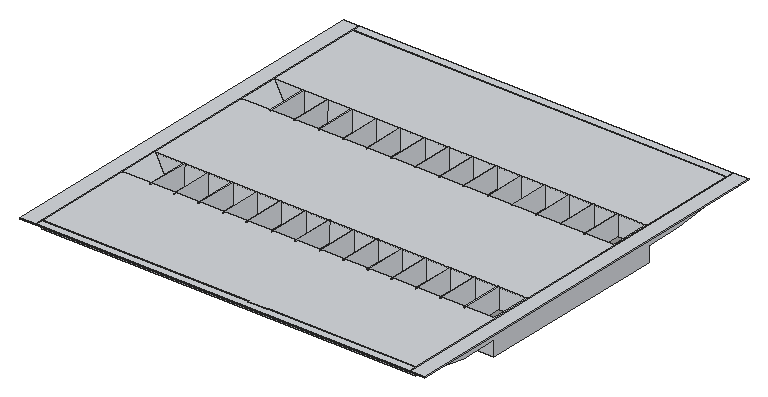
Revit family "0052604 Sylvania Lighting Fixture RANA NEO 3500LM REC 625x625 840 DALI EM 2L WHITE", category Lighting Fixtures, host Face, Revit 2016
Family settings
  Host = Face
  Part Type = Normal
  Round Connector Dimension = Use Diameter
  OmniClass Number = 23.80.70.00
  OmniClass Title = Lighting
  Cut with Voids When Loaded = No
  Light Source = Yes
  Shared = No
  Room Calculation Point = No
Parameters (values of type "0052604 RANA NEO 3500LM R 625 840 DALI EM 2L WHT")
  fin7 = 37 mm
  fin3 = 332 mm
  fin2 [instance] = 368 mm
  fin 6 = 110 mm
  fin 5 = 185 mm
  fin 4 = 258 mm
  fin 3 [instance] = 318 mm
  fin 2 = 407 mm
  fin 1 = 480 mm
  cut-out2 = 618 mm
  cut-out = 618 mm
  Width_SYL = if([600x600_SYL], 595 mm, if([625x625_SYL], 620 mm, if([1200_SYL], 296 mm, 306 mm)))  # 595 mm
  Width = 618 mm
  Weight = "n/a"
  Wattage Comments = ""
  Wattage = 193.079 W
  WarrantyStartDate [instance] = "n/a"
  WarrantyGuarantorParts = "n/a"
  WarrantyDurationUnit = "n/a"
  WarrantyDurationParts = ""
  WarrantyDescription = "http://www.sylvania-lighting.com"
  built-in parameter 1150110 = 1 (stored number, unit not read)
  Voltage = 0 V
  URL = "0.96"
  TypeName = "RANA NEO 3500LM REC 625x625 840 DALI EM 2L WHITE"
  Type Image = <None>
  Type Comments = "n/a"
  built-in parameter 1114217 = 1 (stored number, unit not read)
  TopWidth_SYL = if([600x600_SYL], 295 mm, if([625x625_SYL], 295 mm, if([1200_SYL], 165 mm, 165 mm)))  # 295 mm
  Tilt Angle = -90.00°
  built-in parameter 1150109 = 1 (stored number, unit not read)
  built-in parameter 1150134 = (empty or 0)
  built-in parameter 1150113 = 1 (stored number, unit not read)
  SlopeTopWidth_SYL = if([600x600_SYL], 410 mm, if([625x625_SYL], 410 mm, if([1200_SYL], 168 mm, 168 mm)))  # 410 mm
  SlopeBottomWidth_SYL = if([600x600_SYL], 593 mm, if([625x625_SYL], 593 mm, if([1200_SYL], 244 mm, 244 mm)))  # 593 mm
  SlopeHeight_SYL = if([600x600_SYL], 17 mm, if([625x625_SYL], 17 mm, if([1200_SYL], 40 mm, 40 mm)))  # 17 mm
  SerialNumber [instance] = "n/a"
  ReflectorNumber_SYL = if([1Ref_SYL], 2, if([2Ref_SYL], 2, 3))  # 2
  ReflectorLength_SYL = Length_SYL - Inset_SYL * 2 - 5 mm  # 550 mm
  ReflectorInset_SYL = if([1Ref_SYL], 82.4 mm, if([2Ref_SYL], 30 mm, 30 mm))  # 30 mm
  Photometric Web File = "0052604.ies"
  Material_3_SYL = none
  PowerFactor = 0.95
  PowerConsumption = "Lighting"
  NominalLength = 620 mm
  NominalHeight = 60 mm
  NominalDepth = 595 mm
  Name = "RANA NEO 3500LM REC 625x625 840 DALI EM 2L WHITE"
  ModelReference = Name  # "RANA NEO 3500LM REC 625x625 840 DALI EM 2L WHITE"
  ModelNumber = "0052604"
  Model = Name  # "RANA NEO 3500LM REC 625x625 840 DALI EM 2L WHITE"
  Material = "Feilo Sylvania"
  ManufacturerName = "106 lm/W"
  Manufacturer = ""
  LuminousEfficacy = ""
  built-in parameter 1150105 = 1536.5 (stored number, unit not read)
  Lumens = 19307.9 lm
  LuminaireType = "0"
  built-in parameter 1150115 = 1 (stored number, unit not read)
  LouverNumber_SYL = if([600x600_SYL], 14, if([625x625_SYL], 14, if([1200_SYL], 28, 28)))  # 14
  LightOutputRatio = "LED"
  built-in parameter 1150137 = (empty or 0)
  built-in parameter 1150139 = (empty or 0)
  Length_SYL = if([600x600_SYL], 595 mm, if([625x625_SYL], 620 mm, if([1200_SYL], 1196 mm, 1246 mm)))  # 595 mm
  Length = 618 mm
  LampsType = Lamp  # "n/a"
  LampNominalLuminous = "4000 K"
  LampMacAdamStep = "80"
  LampColourTemperature = "LED"
  LampColourRenderingIndex = "16500"
  built-in parameter 1150112 = 1 (stored number, unit not read)
  built-in parameter 1150114 = 1 (stored number, unit not read)
  Lamp = "n/a"
  LED position [instance] = 410 mm
  LED inside width = 165 mm
  LED inner void = 521.5 mm
  LED Width = 290 mm
  LED Length = 568 mm
  Keynote = "n/a"
  InstallationDate [instance] = "n/a"
  Inset_SYL = 20 mm  # constant formula
  InputVoltage = "0"
  InputNominalFrequency = "4000"
  built-in parameter 1150132 = (empty or 0)
  built-in parameter 1150102 = (empty or 0)
  built-in parameter 1150107 = 3000 (stored number, unit not read)
  built-in parameter 1150138 = (empty or 0)
  IngressProtection = "IfcLightFixtureType"
  ImpactProtectionIndex = "IfcLightFixtureType"
  built-in parameter 1150106 = 15.365 (stored number, unit not read)
  IfcExportType = "IfcLightFixtureType"
  IfcExportAs = "Class I"
  Height = 52 mm
  Emit from Rectangle Width = if([1Ref_SYL], 48 mm, TopWidth_SYL - 13 mm)  # 282 mm
  Emit from Rectangle Length = ReflectorLength_SYL - 8 mm  # 542 mm
  Emit Shape Visible in Rendering = no
  ElectricShockClassification = "106"
  built-in parameter 1150104 = 9.2903 (stored number, unit not read)
  DocumentationLiterature = "http://www.sylvania-lighting.com/product/en-int/products/0052604"
  DimmingControlOptions = "n/a"
  Material_2_SYL = none
  Dimming Lamp Color Temperature Shift = <None>
  Description = "-"
  Default Elevation = 1219.2 mm
  CreatedOn = "25/11/2019"
  CreatedBy = "@sylvania-lighting.com"
  Cost = 0
  Color Filter = 16777215
  built-in parameter 1114216 [instance] = (empty or 0)
  ClassificationValue = "EF_70_80"
  ClassificationName = "Uniclass2015"
  Material_1_SYL = none
  BarCode [instance] = "n/a"
  built-in parameter 1114218 = 1 (stored number, unit not read)
  built-in parameter 1150133 = 10 (stored number, unit not read)
  AssetType = "Fixed"
  AssetIdentifier [instance] = "n/a"
  Assembly Code = "D5020200"
  Apparent Load = 33 VA
  Material_4_SYL = none
  625x625_SYL = no
  600x600_SYL = yes
  2Ref_SYL = yes
  1Ref_SYL = no
  1200_SYL = no
Reference planes
  plane 1 "Center (Front/Back)": y = 0
  plane 2: z = 0
  plane 3 "Center (Left/Right)": x = 0
  plane 4: x = 60
  plane 5: x = 30
  plane 6: y = 297.5
  plane 7: y = -297.5
  plane 8: z = -120
  plane 9: z = -3
  plane 10: z = -12
  plane 11: z = -29
  plane 12: z = -52
  plane 13: y = -296.5
  plane 14: y = 296.5
  plane 15: y = 145
  plane 16: y = -145
  plane 17: y = 82.5
  plane 18: y = -82.5
  plane 19: x = -284
  plane 20: x = 284
  plane 21: y = 141
  plane 22: y = 86.5
  plane 23: x = -264
  plane 24: x = 257.5
  plane 25: x = -286
  plane 26: x = 286
  plane 27: y = -86.5
  plane 28: y = -141
  plane 29: x = 18.5
  plane 30: x = -18.5
  plane 31: x = 55
  plane 32: x = -55
  plane 33: x = 92.5
  plane 34: x = -92.5
  plane 35: x = 129
  plane 36: x = -129
  plane 37: x = 166
  plane 38: x = -166
  plane 39: x = -203.5
  plane 40: x = 203.5
  plane 41: x = -240
  plane 42: x = 240
  plane 43: x = 169.5
  plane 44: x = 162.5
  plane 45: x = 166.5
  plane 46: x = 165.5
  plane 47: x = 309
  plane 48: x = -309
  plane 49: y = 309
  plane 50: y = -309
  plane 51: x = 309
  plane 52: x = -309
  plane 53: y = 309
  plane 54: y = -309
Forms (mm)
  Extrusion 1, void
    sketch origin (0, 0, 0) x (1, 0, 0) y (0, 1, 0)
      loop
        line (-309, 309) -> (-309, -309) -> (309, -309) -> (309, 309) -> (-309, 309)
    from -120 to 97.685
  Extrusion 2, solid, detail levels medium+fine
    sketch origin (0, 0, 0) x (0, 1, 0) y (0, 0, 1)
      loop
        line (-296.5, 0) -> (-296.5, -12) -> (-205, -29) -> (-147.5, -29) -> (-147.5, -52) -> (147.5, -52) -> (147.5, -29) -> (205, -29) -> (296.5, -17.514) -> (296.5, 0) -> (-296.5, 0)
    from -286 to 286
  Extrusion 3, solid, detail levels medium+fine
    sketch origin (275, 1524, 1219.2) x (0, 1, 0) y (0, 0, 1)
      loop
        line (-1226.5, -1222.2) -> (-1226.5, -1219.2) -> (-1820.5, -1219.2) -> (-1820.5, -1222.2) -> (-1226.5, -1222.2)
    from 11 to -215
  Extrusion 4, solid, detail levels medium+fine
    sketch origin (-275, 1524, 1219.2) x (0, 1, 0) y (0, 0, 1)
      loop
        line (-1820.5, -1222.2) -> (-1227.5, -1222.2) -> (-1227.5, -1219.2) -> (-1820.5, -1219.2) -> (-1820.5, -1222.2)
    from -11 to 305
  Extrusion 5, solid, detail levels medium+fine
    sketch origin (0, 0, 0) x (0, 1, 0) y (0, 0, 1)
      loop
        line (-297.5, 0) -> (-297.5, -3) -> (-296.5, -3) -> (-296.5, 0) -> (-297.5, 0)
      loop
        line (297.5, -3) -> (297.5, 0) -> (296.5, 0) -> (296.5, -3) -> (297.5, -3)
    from 30 to 60
  Blend 6, void
    base sketch origin (0, 0, 0) x (1, 0, 0) y (0, 1, 0)
      loop
        line (-284, 145) -> (-284, 82.5) -> (284, 82.5) -> (284, 145) -> (-284, 145)
    top sketch origin (0, 0, 0) x (1, 0, 0) y (0, 1, 0)
      loop
        line (-264, 141) -> (-264, 86.5) -> (257.5, 86.5) -> (257.5, 141) -> (-264, 141)
    from 0 to -29
  Blend 7, void
    base sketch origin (0, 0, 0) x (1, 0, 0) y (0, 1, 0)
      loop
        line (-284, -82.5) -> (-284, -145) -> (284, -145) -> (284, -82.5) -> (-284, -82.5)
    top sketch origin (0, 0, 0) x (1, 0, 0) y (0, 1, 0)
      loop
        line (257.5, -86.5) -> (-264, -86.5) -> (-264, -141) -> (257.5, -141) -> (257.5, -86.5)
    from 0 to -29
  Extrusion 8, solid, detail levels fine
    sketch origin (0, 0, 0) x (1, 0, 0) y (0, 0, 1)
      loop
        line (162.5, -29) -> (169.5, -29) -> (166.5, 0) -> (165.5, 0) -> (162.5, -29)
    from -145 to -82.5
  Extrusion 9, solid, detail levels fine
    sketch origin (37.5, 0, 0) x (1, 0, 0) y (0, 0, 1)
      loop
        line (162.5, -29) -> (169.5, -29) -> (166.5, 0) -> (165.5, 0) -> (162.5, -29)
    from -145 to -82.5
  Extrusion 10, solid, detail levels fine
    sketch origin (74, 0, 0) x (1, 0, 0) y (0, 0, 1)
      loop
        line (162.5, -29) -> (169.5, -29) -> (166.5, 0) -> (165.5, 0) -> (162.5, -29)
    from -145 to -82.5
  Extrusion 11, solid, detail levels fine
    sketch origin (-37, 0, 0) x (1, 0, 0) y (0, 0, 1)
      loop
        line (162.5, -29) -> (169.5, -29) -> (166.5, 0) -> (165.5, 0) -> (162.5, -29)
    from -145 to -82.5
  Extrusion 12, solid, detail levels fine
    sketch origin (-73.5, 0, 0) x (1, 0, 0) y (0, 0, 1)
      loop
        line (162.5, -29) -> (169.5, -29) -> (166.5, 0) -> (165.5, 0) -> (162.5, -29)
    from -145 to -82.5
  Extrusion 13, solid, detail levels fine
    sketch origin (-111, 0, 0) x (1, 0, 0) y (0, 0, 1)
      loop
        line (162.5, -29) -> (169.5, -29) -> (166.5, 0) -> (165.5, 0) -> (162.5, -29)
    from -145 to -82.5
  Extrusion 14, solid, detail levels fine
    sketch origin (-147.5, 0, 0) x (1, 0, 0) y (0, 0, 1)
      loop
        line (162.5, -29) -> (169.5, -29) -> (166.5, 0) -> (165.5, 0) -> (162.5, -29)
    from -145 to -82.5
  Extrusion 15, solid, detail levels fine
    sketch origin (-184.5, 0, 0) x (1, 0, 0) y (0, 0, 1)
      loop
        line (162.5, -29) -> (169.5, -29) -> (166.5, 0) -> (165.5, 0) -> (162.5, -29)
    from -145 to -82.5
  Extrusion 16, solid, detail levels fine
    sketch origin (-221, 0, 0) x (1, 0, 0) y (0, 0, 1)
      loop
        line (162.5, -29) -> (169.5, -29) -> (166.5, 0) -> (165.5, 0) -> (162.5, -29)
    from -145 to -82.5
  Extrusion 17, solid, detail levels fine
    sketch origin (-258.5, 0, 0) x (1, 0, 0) y (0, 0, 1)
      loop
        line (162.5, -29) -> (169.5, -29) -> (166.5, 0) -> (165.5, 0) -> (162.5, -29)
    from -145 to -82.5
  Extrusion 18, solid, detail levels fine
    sketch origin (-295, 0, 0) x (1, 0, 0) y (0, 0, 1)
      loop
        line (162.5, -29) -> (169.5, -29) -> (166.5, 0) -> (165.5, 0) -> (162.5, -29)
    from -145 to -82.5
  Extrusion 19, solid, detail levels fine
    sketch origin (-332, 0, 0) x (1, 0, 0) y (0, 0, 1)
      loop
        line (162.5, -29) -> (169.5, -29) -> (166.5, 0) -> (165.5, 0) -> (162.5, -29)
    from -145 to -82.5
  Extrusion 20, solid, detail levels fine
    sketch origin (-369.5, 0, 0) x (1, 0, 0) y (0, 0, 1)
      loop
        line (162.5, -29) -> (169.5, -29) -> (166.5, 0) -> (165.5, 0) -> (162.5, -29)
    from -145 to -82.5
  Extrusion 21, solid, detail levels fine
    sketch origin (-406, 0, 0) x (1, 0, 0) y (0, 0, 1)
      loop
        line (162.5, -29) -> (169.5, -29) -> (166.5, 0) -> (165.5, 0) -> (162.5, -29)
    from -145 to -82.5
  Extrusion 22, solid, detail levels fine
    sketch origin (-406.072, 0, -0.017) x (1, 0, 0) y (0, 0, 1)
      loop
        line (162.5, -29) -> (169.5, -29) -> (166.5, 0) -> (165.5, 0) -> (162.5, -29)
    from 82.5 to 147.5
  Extrusion 23, solid, detail levels fine
    sketch origin (-369.572, 0, -0.017) x (1, 0, 0) y (0, 0, 1)
      loop
        line (162.5, -29) -> (169.5, -29) -> (166.5, 0) -> (165.5, 0) -> (162.5, -29)
    from 82.5 to 147.5
  Extrusion 24, solid, detail levels fine
    sketch origin (-331.998, 0, -0.017) x (1, 0, 0) y (0, 0, 1)
      loop
        line (162.5, -29) -> (169.5, -29) -> (166.5, 0) -> (165.5, 0) -> (162.5, -29)
    from 82.5 to 147.5
  Extrusion 25, solid, detail levels fine
    sketch origin (-294.998, 0, -0.017) x (1, 0, 0) y (0, 0, 1)
      loop
        line (162.5, -29) -> (169.5, -29) -> (166.5, 0) -> (165.5, 0) -> (162.5, -29)
    from 82.5 to 147.5
  Extrusion 26, solid, detail levels fine
    sketch origin (-258.498, 0, -0.017) x (1, 0, 0) y (0, 0, 1)
      loop
        line (162.5, -29) -> (169.5, -29) -> (166.5, 0) -> (165.5, 0) -> (162.5, -29)
    from 82.5 to 147.5
  Extrusion 27, solid, detail levels fine
    sketch origin (-221, 0, -0.017) x (1, 0, 0) y (0, 0, 1)
      loop
        line (162.5, -29) -> (169.5, -29) -> (166.5, 0) -> (165.5, 0) -> (162.5, -29)
    from 82.5 to 147.5
  Extrusion 28, solid, detail levels fine
    sketch origin (-184.5, 0, -0.017) x (1, 0, 0) y (0, 0, 1)
      loop
        line (162.5, -29) -> (169.5, -29) -> (166.5, 0) -> (165.5, 0) -> (162.5, -29)
    from 82.5 to 147.5
  Extrusion 29, solid, detail levels fine
    sketch origin (-147.5, 0, -0.017) x (1, 0, 0) y (0, 0, 1)
      loop
        line (162.5, -29) -> (169.5, -29) -> (166.5, 0) -> (165.5, 0) -> (162.5, -29)
    from 82.5 to 147.5
  Extrusion 30, solid, detail levels fine
    sketch origin (-111, 0, -0.017) x (1, 0, 0) y (0, 0, 1)
      loop
        line (162.5, -29) -> (169.5, -29) -> (166.5, 0) -> (165.5, 0) -> (162.5, -29)
    from 82.5 to 147.5
  Extrusion 31, solid, detail levels fine
    sketch origin (-73.5, 0, -0.017) x (1, 0, 0) y (0, 0, 1)
      loop
        line (162.5, -29) -> (169.5, -29) -> (166.5, 0) -> (165.5, 0) -> (162.5, -29)
    from 82.5 to 147.5
  Extrusion 32, solid, detail levels fine
    sketch origin (-37, 0, -0.017) x (1, 0, 0) y (0, 0, 1)
      loop
        line (162.5, -29) -> (169.5, -29) -> (166.5, 0) -> (165.5, 0) -> (162.5, -29)
    from 82.5 to 147.5
  Extrusion 33, solid, detail levels fine
    sketch origin (0, 0, -0.017) x (1, 0, 0) y (0, 0, 1)
      loop
        line (162.5, -29) -> (169.5, -29) -> (166.5, 0) -> (165.5, 0) -> (162.5, -29)
    from 82.5 to 147.5
  Extrusion 34, solid, detail levels fine
    sketch origin (37.5, 0, -0.017) x (1, 0, 0) y (0, 0, 1)
      loop
        line (162.5, -29) -> (169.5, -29) -> (166.5, 0) -> (165.5, 0) -> (162.5, -29)
    from 82.5 to 147.5
  Extrusion 35, solid, detail levels fine
    sketch origin (74, 0, -0.017) x (1, 0, 0) y (0, 0, 1)
      loop
        line (162.5, -29) -> (169.5, -29) -> (166.5, 0) -> (165.5, 0) -> (162.5, -29)
    from 82.5 to 147.5
  Extrusion 36, solid, material "Glass, White, High Luminance", detail levels fine
    sketch origin (0, 0, 0) x (1, 0, 0) y (0, 1, 0)
      loop
        line (-264, 141) -> (-264, 86.5) -> (257.5, 86.5) -> (257.5, 141) -> (-264, 141)
    from -29 to -28
  Extrusion 37, solid, material "Glass, White, High Luminance", detail levels fine
    sketch origin (0, 0, 0) x (1, 0, 0) y (0, 1, 0)
      loop
        line (-264, -86.5) -> (-264, -141) -> (257.5, -141) -> (257.5, -86.5) -> (-264, -86.5)
    from -29 to -28
  Extrusion 38, solid, detail levels coarse
    sketch origin (0, 0, 0) x (1, 0, 0) y (0, 1, 0)
      loop
        line (-309, 309) -> (-309, -309) -> (309, -309) -> (309, 309) -> (-309, 309)
    from -52 to 0
  Extrusion 39, solid, detail levels medium+fine
    sketch origin (0, 0, 0) x (1, 0, 0) y (0, 1, 0)
      loop
        line (-309, 309) -> (-309, -309) -> (-286, -309) -> (-286, 309) -> (-309, 309)
    from -1.177 to 0.023
  Extrusion 40, solid, detail levels medium+fine
    sketch origin (0, 0, 0) x (1, 0, 0) y (0, 1, 0)
      loop
        line (309, 309) -> (286, 309) -> (286, -309) -> (309, -309) -> (309, 309)
    from 0 to -1.2
  Extrusion 41, solid, detail levels medium+fine
    sketch origin (0, 1219.2, 38) x (1, 0, 0) y (0, 1, 0)
      loop
        line (286, -1528.2) -> (286, -1515.7) -> (-286, -1515.7) -> (-286, -1528.2) -> (286, -1528.2)
    from -39.177 to -38
  Extrusion 42, solid, detail levels medium+fine
    sketch origin (0, 1219.2, 38) x (1, 0, 0) y (0, 1, 0)
      loop
        line (-286, -910.2) -> (-286, -922.7) -> (286, -922.7) -> (286, -910.2) -> (-286, -910.2)
    from -39.177 to -38
Cuts and joins
  Blend 6, Blend 7 cuts Extrusion 2
  Blend 6, Blend 7 cuts Extrusion 3
  Blend 6, Blend 7 cuts Extrusion 4
  Blend 6, Blend 7 cuts Extrusion 5
  joined: Extrusion 2, Extrusion 3, Extrusion 4, Extrusion 5
Dimensions and locks
  locked: plane 2 to plane 8 at 120
  locked: plane 2 to plane 9 at 3
  locked: plane 2 to plane 10 at 12
  "SlopeHeight_SYL": plane 11 to plane 10
  "Height": plane 2 to plane 12
  equal spacing: plane 13, plane 1 "Center (Front/Back)", plane 14
  "SlopeBottomWidth_SYL": plane 13 to plane 14
  "LED Width": plane 15 to plane 16
  equal spacing: plane 15, plane 1 "Center (Front/Back)", plane 16
  "LED inside width": plane 17 to plane 18
  equal spacing: plane 17, plane 1 "Center (Front/Back)", plane 18
  "LED Length": plane 19 to plane 20
  equal spacing: plane 19, plane 3 "Center (Left/Right)", plane 20
  "LED inner void": plane 23 to plane 24
  "fin7": plane 29 to plane 30
  equal spacing: plane 29, plane 3 "Center (Left/Right)", plane 30
  "fin 6": plane 31 to plane 32
  equal spacing: plane 31, plane 3 "Center (Left/Right)", plane 32
  "fin 5": plane 33 to plane 34
  equal spacing: plane 33, plane 3 "Center (Left/Right)", plane 34
  "fin 4": plane 35 to plane 36
  equal spacing: plane 35, plane 3 "Center (Left/Right)", plane 36
  "fin 2": plane 40 to plane 39
  equal spacing: plane 40, plane 3 "Center (Left/Right)", plane 39
  "fin3": plane 37 to plane 38
  equal spacing: plane 37, plane 3 "Center (Left/Right)", plane 38
  "fin 1": plane 42 to plane 41
  equal spacing: plane 42, plane 3 "Center (Left/Right)", plane 41
  "ReflectorInset_SYL": plane 5 to plane 4
  equal spacing: plane 3 "Center (Left/Right)", plane 5, plane 4
  "Length": plane 48 to plane 47
  equal spacing: plane 48, plane 3 "Center (Left/Right)", plane 47
  "Width": plane 49 to plane 50
  equal spacing: plane 49, plane 1 "Center (Front/Back)", plane 50
  "cut-out": plane 52 to plane 51
  equal spacing: plane 52, plane 3 "Center (Left/Right)", plane 51
  "cut-out2": plane 53 to plane 54
  equal spacing: plane 53, plane 1 "Center (Front/Back)", plane 54
  aligned and locked: plane 2 to host face
  aligned and locked: level to host face
  aligned and locked: plane 10 to Extrusion 2 sketch curve
  aligned and locked: plane 12 to Extrusion 2 sketch curve
  aligned and locked: plane 11 to Extrusion 2 sketch curve  (x2)
  aligned and locked: Extrusion 2 sketch curve to level
  aligned and locked: plane 6 to Extrusion 3 sketch curve
  aligned and locked: plane 4 to Extrusion 3
  aligned and locked: Extrusion 4 sketch curve to cut or joined group of Extrusion 2, Extrusion 3, Extrusion 4, Extrusion 5, Blend 6, Blend 7
  aligned and locked: Extrusion 4 to plane 5
  aligned and locked: Extrusion 4 to Extrusion 2
  aligned and locked: plane 14 to Extrusion 2 sketch curve
  aligned and locked: plane 13 to Extrusion 2 sketch curve
  aligned and locked: Extrusion 5 sketch curve to level  (x2)
  aligned and locked: Extrusion 5 sketch curve to plane 7
  aligned and locked: cut or joined group of Extrusion 2, Extrusion 3, Extrusion 4, Extrusion 5, Blend 6, Blend 7 to Extrusion 5 sketch curve
  aligned and locked: Extrusion 5 sketch curve to cut or joined group of Extrusion 2, Extrusion 3, Extrusion 4, Extrusion 5, Blend 6, Blend 7  (x2)
  aligned and locked: Extrusion 5 to plane 5
  aligned and locked: plane 4 to Extrusion 5
Automatic sketch dimensions
  host sketch curve to host sketch curve = 1219.2 mm
  host sketch curve to host sketch curve = 1211.616 mm
  Extrusion 2 sketch curve to plane 16 = 60 mm
  Extrusion 2 sketch curve to plane 16 = 2.5 mm
  plane 15 to Extrusion 2 sketch curve = 2.5 mm
  Extrusion 2 sketch curve to Extrusion 2 sketch curve = 57.5 mm
  plane 10 to Extrusion 2 sketch curve = 5.514 mm
  plane 9 to Extrusion 3 sketch curve = 0 mm
  Extrusion 3 sketch curve to plane 13 = 0 mm
  Blend 6 sketch curve to plane 17 = 0 mm
  Blend 6 sketch curve to plane 19 = 0 mm
  Blend 6 sketch curve to plane 20 = 0 mm
  Blend 6 sketch curve to plane 15 = 0 mm
  Blend 6 sketch curve to plane 22 = 0 mm
  Blend 6 sketch curve to plane 23 = 0 mm
  Blend 6 sketch curve to plane 24 = 0 mm
  Blend 6 sketch curve to plane 21 = 0 mm
  Blend 7 sketch curve to plane 16 = 0 mm
  Blend 7 sketch curve to plane 19 = 0 mm
  Blend 7 sketch curve to plane 20 = 0 mm
  Blend 7 sketch curve to plane 18 = 0 mm
  Blend 7 sketch curve to plane 23 = 0 mm
  Blend 7 sketch curve to plane 24 = 0 mm
  Blend 7 sketch curve to plane 28 = 0 mm
  Blend 7 sketch curve to plane 27 = 0 mm
  Extrusion 8 sketch curve to plane 11 = 0 mm
  Extrusion 8 sketch curve to plane 44 = 0 mm
  Extrusion 8 sketch curve to level = 0 mm
  Extrusion 8 sketch curve to plane 46 = 0 mm
  Extrusion 8 sketch curve to plane 45 = 0 mm
  Extrusion 8 sketch curve to plane 43 = 0 mm
  Extrusion 9 sketch curve to plane 11 = 0 mm
  Extrusion 9 sketch curve to level = 0 mm
  Extrusion 9 sketch curve to plane 40 = 3.5 mm
  Extrusion 9 sketch curve to plane 40 = 0.5 mm
  plane 40 to Extrusion 9 sketch curve = 0.5 mm
  plane 40 to Extrusion 9 sketch curve = 3.5 mm
  Extrusion 10 sketch curve to plane 11 = 0 mm
  Extrusion 10 sketch curve to level = 0 mm
  Extrusion 10 sketch curve to plane 42 = 3.5 mm
  Extrusion 10 sketch curve to plane 42 = 0.5 mm
  plane 42 to Extrusion 10 sketch curve = 0.5 mm
  plane 42 to Extrusion 10 sketch curve = 3.5 mm
  Extrusion 11 sketch curve to plane 11 = 0 mm
  Extrusion 11 sketch curve to level = 0 mm
  Extrusion 11 sketch curve to plane 35 = 3.5 mm
  Extrusion 11 sketch curve to plane 35 = 0.5 mm
  plane 35 to Extrusion 11 sketch curve = 0.5 mm
  plane 35 to Extrusion 11 sketch curve = 3.5 mm
  Extrusion 12 sketch curve to plane 11 = 0 mm
  Extrusion 12 sketch curve to level = 0 mm
  Extrusion 12 sketch curve to plane 33 = 3.5 mm
  Extrusion 12 sketch curve to plane 33 = 0.5 mm
  plane 33 to Extrusion 12 sketch curve = 0.5 mm
  plane 33 to Extrusion 12 sketch curve = 3.5 mm
  Extrusion 13 sketch curve to plane 11 = 0 mm
  Extrusion 13 sketch curve to level = 0 mm
  Extrusion 13 sketch curve to plane 31 = 3.5 mm
  Extrusion 13 sketch curve to plane 31 = 0.5 mm
  plane 31 to Extrusion 13 sketch curve = 0.5 mm
  plane 31 to Extrusion 13 sketch curve = 3.5 mm
  Extrusion 14 sketch curve to plane 11 = 0 mm
  Extrusion 14 sketch curve to level = 0 mm
  Extrusion 14 sketch curve to plane 29 = 3.5 mm
  Extrusion 14 sketch curve to plane 29 = 0.5 mm
  plane 29 to Extrusion 14 sketch curve = 0.5 mm
  plane 29 to Extrusion 14 sketch curve = 3.5 mm
  Extrusion 15 sketch curve to plane 11 = 0 mm
  Extrusion 15 sketch curve to level = 0 mm
  Extrusion 15 sketch curve to plane 30 = 3.5 mm
  Extrusion 15 sketch curve to plane 30 = 0.5 mm
  plane 30 to Extrusion 15 sketch curve = 0.5 mm
  plane 30 to Extrusion 15 sketch curve = 3.5 mm
  Extrusion 16 sketch curve to plane 11 = 0 mm
  Extrusion 16 sketch curve to level = 0 mm
  Extrusion 16 sketch curve to plane 32 = 3.5 mm
  Extrusion 16 sketch curve to plane 32 = 0.5 mm
  plane 32 to Extrusion 16 sketch curve = 0.5 mm
  plane 32 to Extrusion 16 sketch curve = 3.5 mm
  Extrusion 17 sketch curve to plane 11 = 0 mm
  Extrusion 17 sketch curve to level = 0 mm
  Extrusion 17 sketch curve to plane 34 = 3.5 mm
  Extrusion 17 sketch curve to plane 34 = 0.5 mm
  plane 34 to Extrusion 17 sketch curve = 0.5 mm
  plane 34 to Extrusion 17 sketch curve = 3.5 mm
  Extrusion 18 sketch curve to plane 11 = 0 mm
  Extrusion 18 sketch curve to level = 0 mm
  Extrusion 18 sketch curve to plane 36 = 3.5 mm
  Extrusion 18 sketch curve to plane 36 = 0.5 mm
  plane 36 to Extrusion 18 sketch curve = 0.5 mm
  plane 36 to Extrusion 18 sketch curve = 3.5 mm
  Extrusion 19 sketch curve to plane 11 = 0 mm
  Extrusion 19 sketch curve to level = 0 mm
  Extrusion 19 sketch curve to plane 38 = 3.5 mm
  Extrusion 19 sketch curve to plane 38 = 0.5 mm
  plane 38 to Extrusion 19 sketch curve = 0.5 mm
  plane 38 to Extrusion 19 sketch curve = 3.5 mm
  Extrusion 20 sketch curve to plane 11 = 0 mm
  Extrusion 20 sketch curve to level = 0 mm
  Extrusion 20 sketch curve to plane 39 = 3.5 mm
  Extrusion 20 sketch curve to plane 39 = 0.5 mm
  plane 39 to Extrusion 20 sketch curve = 0.5 mm
  plane 39 to Extrusion 20 sketch curve = 3.5 mm
  Extrusion 21 sketch curve to plane 11 = 0 mm
  Extrusion 21 sketch curve to level = 0 mm
  Extrusion 21 sketch curve to plane 41 = 3.5 mm
  Extrusion 21 sketch curve to plane 41 = 0.5 mm
  plane 41 to Extrusion 21 sketch curve = 0.5 mm
  plane 41 to Extrusion 21 sketch curve = 3.5 mm
  plane 11 to Extrusion 22 sketch curve = 0.017 mm
  Extrusion 22 sketch curve to plane 41 = 3.572 mm
  Extrusion 22 sketch curve to level = 0.017 mm
  Extrusion 22 sketch curve to plane 41 = 0.572 mm
  plane 41 to Extrusion 22 sketch curve = 0.428 mm
  plane 41 to Extrusion 22 sketch curve = 3.428 mm
  plane 11 to Extrusion 23 sketch curve = 0.017 mm
  Extrusion 23 sketch curve to plane 39 = 3.572 mm
  Extrusion 23 sketch curve to level = 0.017 mm
  Extrusion 23 sketch curve to plane 39 = 0.572 mm
  plane 39 to Extrusion 23 sketch curve = 0.428 mm
  plane 39 to Extrusion 23 sketch curve = 3.428 mm
  plane 11 to Extrusion 24 sketch curve = 0.017 mm
  Extrusion 24 sketch curve to plane 38 = 3.498 mm
  Extrusion 24 sketch curve to level = 0.017 mm
  Extrusion 24 sketch curve to plane 38 = 0.498 mm
  plane 38 to Extrusion 24 sketch curve = 0.502 mm
  plane 38 to Extrusion 24 sketch curve = 3.502 mm
  plane 11 to Extrusion 25 sketch curve = 0.017 mm
  Extrusion 25 sketch curve to plane 36 = 3.498 mm
  Extrusion 25 sketch curve to level = 0.017 mm
  Extrusion 25 sketch curve to plane 36 = 0.498 mm
  plane 36 to Extrusion 25 sketch curve = 0.502 mm
  plane 36 to Extrusion 25 sketch curve = 3.502 mm
  plane 11 to Extrusion 26 sketch curve = 0.017 mm
  Extrusion 26 sketch curve to plane 34 = 3.498 mm
  Extrusion 26 sketch curve to level = 0.017 mm
  Extrusion 26 sketch curve to plane 34 = 0.498 mm
  plane 34 to Extrusion 26 sketch curve = 0.502 mm
  plane 34 to Extrusion 26 sketch curve = 3.502 mm
  plane 11 to Extrusion 27 sketch curve = 0.017 mm
  Extrusion 27 sketch curve to plane 32 = 3.5 mm
  Extrusion 27 sketch curve to level = 0.017 mm
  Extrusion 27 sketch curve to plane 32 = 0.5 mm
  plane 32 to Extrusion 27 sketch curve = 0.5 mm
  plane 32 to Extrusion 27 sketch curve = 3.5 mm
  plane 11 to Extrusion 28 sketch curve = 0.017 mm
  Extrusion 28 sketch curve to plane 30 = 3.5 mm
  Extrusion 28 sketch curve to level = 0.017 mm
  Extrusion 28 sketch curve to plane 30 = 0.5 mm
  plane 30 to Extrusion 28 sketch curve = 0.5 mm
  plane 30 to Extrusion 28 sketch curve = 3.5 mm
  plane 11 to Extrusion 29 sketch curve = 0.017 mm
  Extrusion 29 sketch curve to plane 29 = 3.5 mm
  Extrusion 29 sketch curve to level = 0.017 mm
  Extrusion 29 sketch curve to plane 29 = 0.5 mm
  plane 29 to Extrusion 29 sketch curve = 0.5 mm
  plane 29 to Extrusion 29 sketch curve = 3.5 mm
  plane 11 to Extrusion 30 sketch curve = 0.017 mm
  Extrusion 30 sketch curve to plane 31 = 3.5 mm
  Extrusion 30 sketch curve to level = 0.017 mm
  Extrusion 30 sketch curve to plane 31 = 0.5 mm
  plane 31 to Extrusion 30 sketch curve = 0.5 mm
  plane 31 to Extrusion 30 sketch curve = 3.5 mm
  plane 11 to Extrusion 31 sketch curve = 0.017 mm
  Extrusion 31 sketch curve to plane 33 = 3.5 mm
  Extrusion 31 sketch curve to level = 0.017 mm
  Extrusion 31 sketch curve to plane 33 = 0.5 mm
  plane 33 to Extrusion 31 sketch curve = 0.5 mm
  plane 33 to Extrusion 31 sketch curve = 3.5 mm
  plane 11 to Extrusion 32 sketch curve = 0.017 mm
  Extrusion 32 sketch curve to plane 35 = 3.5 mm
  Extrusion 32 sketch curve to level = 0.017 mm
  Extrusion 32 sketch curve to plane 35 = 0.5 mm
  plane 35 to Extrusion 32 sketch curve = 0.5 mm
  plane 35 to Extrusion 32 sketch curve = 3.5 mm
  Extrusion 33 sketch curve to plane 44 = 0 mm
  Extrusion 33 sketch curve to plane 46 = 0 mm
  Extrusion 33 sketch curve to plane 45 = 0 mm
  Extrusion 33 sketch curve to plane 43 = 0 mm
  plane 11 to Extrusion 33 sketch curve = 0.017 mm
  Extrusion 33 sketch curve to level = 0.017 mm
  plane 11 to Extrusion 34 sketch curve = 0.017 mm
  Extrusion 34 sketch curve to plane 40 = 3.5 mm
  Extrusion 34 sketch curve to level = 0.017 mm
  Extrusion 34 sketch curve to plane 40 = 0.5 mm
  plane 40 to Extrusion 34 sketch curve = 0.5 mm
  plane 40 to Extrusion 34 sketch curve = 3.5 mm
  plane 11 to Extrusion 35 sketch curve = 0.017 mm
  Extrusion 35 sketch curve to plane 42 = 3.5 mm
  Extrusion 35 sketch curve to level = 0.017 mm
  Extrusion 35 sketch curve to plane 42 = 0.5 mm
  plane 42 to Extrusion 35 sketch curve = 0.5 mm
  plane 42 to Extrusion 35 sketch curve = 3.5 mm
  Extrusion 36 sketch curve to plane 22 = 0 mm
  Extrusion 36 sketch curve to plane 23 = 0 mm
  Extrusion 36 sketch curve to plane 24 = 0 mm
  Extrusion 36 sketch curve to plane 21 = 0 mm
  Extrusion 37 sketch curve to plane 23 = 0 mm
  Extrusion 37 sketch curve to plane 24 = 0 mm
  Extrusion 37 sketch curve to plane 28 = 0 mm
  Extrusion 37 sketch curve to plane 27 = 0 mm
  Extrusion 38 sketch curve to plane 5 = 339 mm
  plane 4 to Extrusion 38 sketch curve = 249 mm
  plane 7 to Extrusion 38 sketch curve = 11.5 mm
  Extrusion 38 sketch curve to plane 6 = 11.5 mm
  plane 13 to Extrusion 39 sketch curve = 12.5 mm
  Extrusion 39 sketch curve to plane 48 = 0 mm
  Extrusion 39 sketch curve to plane 25 = 0 mm
  Extrusion 39 sketch curve to plane 6 = 11.5 mm
  Extrusion 40 sketch curve to plane 6 = 11.5 mm
  Extrusion 40 sketch curve to plane 26 = 0 mm
  plane 13 to Extrusion 40 sketch curve = 12.5 mm
  Extrusion 40 sketch curve to plane 47 = 0 mm
  Extrusion 3 sketch curve to level = 0 mm
  Extrusion 4 sketch curve to plane 13 = 0 mm
  Extrusion 4 sketch curve to level = 0 mm
  Extrusion 4 sketch curve to plane 14 = 0 mm
  Extrusion 5 sketch curve to plane 13 = 0 mm
  Extrusion 5 sketch curve to plane 14 = 0 mm
  Extrusion 41 sketch curve to plane 25 = 0 mm
  Extrusion 41 sketch curve to plane 26 = 0 mm
  Extrusion 41 sketch curve to plane 50 = 0 mm
  plane 13 to Extrusion 41 sketch curve = 0 mm
  plane 14 to Extrusion 42 sketch curve = 0 mm
  Extrusion 42 sketch curve to plane 25 = 0 mm
  Extrusion 42 sketch curve to plane 26 = 0 mm
  Extrusion 42 sketch curve to plane 49 = 0 mm
  plane 4 to Extrusion 1 sketch curve = 249 mm
  Extrusion 1 sketch curve to plane 5 = 339 mm
  plane 7 to Extrusion 1 sketch curve = 11.5 mm
  Extrusion 1 sketch curve to plane 6 = 11.5 mm
Connectors
  electrical at (0, 0, -52), driven by "Voltage", driven by "Apparent Load", driven by "PowerFactor"
    settings: on cut or joined group of Extrusion 2, Extrusion 3, Extrusion 4, Extrusion 5, Blend 6, Blend 7, index 1, voltage 0 V, apparent load 33 VA, apparent load phase1 0 VA, apparent load phase2 0 VA, apparent load phase3 0 VA, power factor 0.95, load classification "Lighting", number of poles 1, system type 30, power factor state 1, is connector primary yes, connector utility no, sub classification motor no, connector description ""
